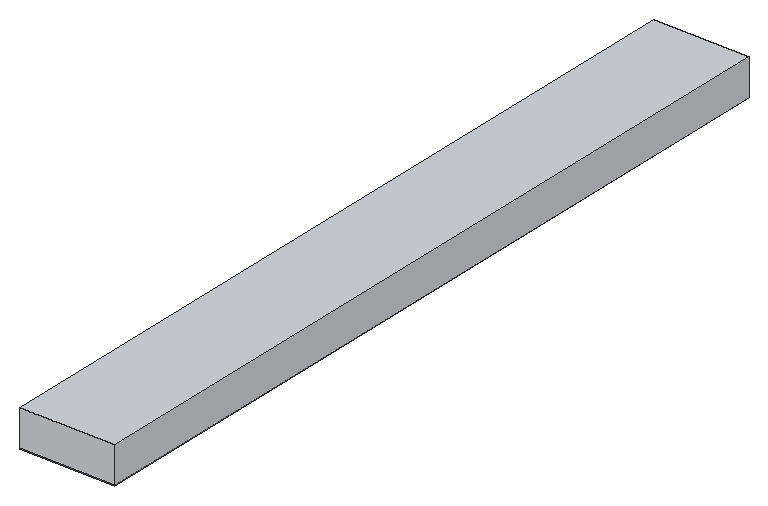
Revit family "ERK9635W_RAD766N", category 照明器具, Revit 2020
Family settings
  丸型コネクタ寸法 = 直径を使用
  パーツ タイプ = 標準
  OmniClass 番号 = 23.80.70.11.14.17
  OmniClass タイトル = Direct/Indirect
  作業面ベース = いいえ
  常に垂直 = はい
  ロード時にボイドで切り取り = はい
  光源 = はい
  共有 = いいえ
  部屋計算ポイント = いいえ
Parameters (values of type "ERK9635W_RAD766N")
  電源種別_記号 = "AC"
  電源種別 = ""
  防災用照明器具電源種別 = ""
  防災用照明器具種類 = ""
  運転質量 = 0.00 kg
  質量 = 0.00 kg
  負荷分類 = 8_照明
  積算_科目2 = "[1_1]照明"
  説明 = "ベースライト 逆富士 40Wタイプ W+150"
  誘導灯形式 = ""
  誘導灯仕様 = ""
  認定番号 = ""
  設置方法 = ""
  記号 = ""
  製造元 = "株式会社遠藤照明"
  製品質量 = 0.00 kg
  製品出荷対象 = ""
  製品リリース年月 = "2023.04"
  製品グループ = ""
  背面形式 = ""
  系統 [instance] = ""
  符号 = ""
  積算_科目 = "1 電灯設備"
  積算_拾い区分 = ""
  種別 [instance] = ""
  相 = 1
  皮相負荷 = 0 VA
  用途 = "E_一般照明"
  特殊仕様 [instance] = ""
  照明制御装置の種類 = ""
  法定耐用年数 = ""
  極数 = 1
  材質_本体 = none
  材質_反射板 = none
  材質_ルーバー = none
  材質_カバー = none
  材質 = ""
  既定の高さ = 0 mm
  形式 = "ベースライト"
  平均演色評価数(Ra) = 82
  定格消費電力 = 30.9 W
  定格入力電流 = 0 A
  定格入力電圧 = 0 V
  定格入力容量 = 0 VA
  定格光束 = 5173 lm
  安定器_蛍光灯 = ""
  安定器_定格電圧 = 0 V
  安定器_入力電流 = 0 A
  安定器_入力電力 = 0 W
  安定器_二次電圧 = 0 V
  埋込高さ = "0"
  埋込穴寸法 = "0"
  固有エネルギー消費効率(lm/W) = 167.4
  器具サイズ = ""
  呼称 = "ベースライト"
  周波数 = 0 Hz
  参照している仕様書等のバージョン = ""
  分類コード = "40305100000000"
  分類グループ = ""
  公共型番 = "LSS9-4-48"
  傾斜角 = 90.00°
  価格 = 29050
  企業コード = "6932"
  付属品 = ""
  仕様書バージョン = ""
  仕様 = ""
  Wattage = 34.8252 W
  built-in parameter 1150110 = 1 (stored number, unit not read)
  built-in parameter 1114217 = 1 (stored number, unit not read)
  built-in parameter 1150109 = 1 (stored number, unit not read)
  built-in parameter 1150134 = 2
  ランプの種類 = "LED"
  ランプ_電流 = 0 A
  ランプ_本数 = 0
  ランプ_定格消費電力 = 0 W
  ランプ_定格消費効率(lm/W) = 0
  ランプ_大きさ = ""
  ランプ_全光束 = 0 lm
  ランプ = "LED"
  モデル = "ERK9635W_RAD766N"
  フォトメトリック Web ファイル = "ERK9635W_RAD766N.IES"
  イメージ(タイプ) = <なし>
  シンボル表示 = yes
  built-in parameter 1150113 = 1 (stored number, unit not read)
  Lumens = 5173 lm
  built-in parameter 1150115 = 1 (stored number, unit not read)
  built-in parameter 1150105 = 411.65 (stored number, unit not read)
  built-in parameter 1150137 = (empty or 0)
  built-in parameter 1150139 = (empty or 0)
  built-in parameter 1150112 = 1 (stored number, unit not read)
  built-in parameter 1150114 = 1 (stored number, unit not read)
  built-in parameter 1150132 = 2
  built-in parameter 1150102 = (empty or 0)
  built-in parameter 1150138 = (empty or 0)
  built-in parameter 1150107 = 5000 (stored number, unit not read)
  built-in parameter 1150106 = 4.1165 (stored number, unit not read)
  built-in parameter 1150104 = 13.8 (stored number, unit not read)
  Dimming Lamp Color Temperature Shift = (empty or 0)
  サービススペース表示 = no
  コメント = ""
  グレア分類 = ""
  Keynote = ""
  Color Filter = 16777215
  built-in parameter 1114218 = 1 (stored number, unit not read)
  built-in parameter 1150133 = 10 (stored number, unit not read)
  カバー形状 = ""
  built-in parameter 1150142 = "IESNA:LM-63-2002\r\n[TEST] ERK9635W_RAD766N  HEC0K01(update:11111111)\r\n[MANUFAC] ENDO LIGHTING CORP.\r\n[LUMCAT] ERK9635W_RAD766N\r\n[LAMP] SDseries_5200lmÀ²Ìß_5000K 5000K\r\n[LAMPCAT] SDseries_5200lmÀ²??_5000K 5273 lm x1 5000K\r\nTILT=NONE\r\n1 5273 1.0 37 19 1 2 0 0 0\r\n1 1 0\r\n0 5 10 15 20 25 30 35 40 45 50 55 60 65 70 75 80 85 90 95 100 105 110 115 120 125 130 135 140 145 150 155 160 165 170 175 180 \r\n0 5 10 15 20 25 30 35 40 45 50 55 60 65 70 75 80 85 90 \r\n1600.3333 1599.2777 1580.0652 1547.9741 1503.6377 1447.5838 1381.2903 1304.9684 1218.4068 1124.8781 1026.1346 921.4373 814.386 708.0314 605.3715 506.4379 415.4744 335.1833\r\n267.1902 212.1708 169.8612 140.0503 113.8812 86.2143 52.5239 23.1605 4.2253 3.7018 3.6056 4.113 4.2679 4.535 4.3374 4.4816 4.7807 5.0959\r\n5.3309\r\n1600.3333 1598.4332 1579.2207 1547.1296 1502.5821 1447.056 1380.2347 1303.8072 1217.879 1123.6113 1024.53 920.0966 813.267 706.7752 603.9992 505.0551 414.081 333.8004\r\n265.8179 210.9146 168.7951 139.0685 113.0262 85.2526 51.7015 22.5018 4.0837 3.6803 3.6109 4.097 4.2707 4.5404 4.3374 4.4923 4.7914 5.1012\r\n5.3096\r\n1600.3333 1597.3776 1577.6373 1545.8629 1500.9986 1445.1559 1378.3346 1301.6959 1215.451 1121.3945 1022.1232 917.4259 810.0368 703.2283 600.1567 500.9592 409.7846 329.5462\r\n261.7326 207.1672 165.5859 136.2606 110.4821 82.4752 49.2979 20.5573 3.7177 3.6296 3.6163 4.0703 4.2733 4.543 4.34 4.5217 4.8101 5.0959\r\n5.2668\r\n1600.3333 1596.3219 1576.5817 1544.1739 1499.3096 1442.7279 1376.0122 1299.0568 1212.2842 1117.9109 1018.1223 912.8867 805.0648 697.6757 593.9601 494.2349 402.7541 322.5263\r\n254.9766 201.0023 160.2972 131.6897 106.2913 77.9877 45.4628 17.4453 3.2691 3.5789 3.643 4.0329 4.2707 4.5457 4.3454 4.551 4.8289 5.0719\r\n5.2348\r\n1600.3333 1595.2663 1575.7372 1542.9071 1497.5151 1441.1445 1373.5842 1295.89 1208.8006 1113.1606 1012.7809 906.7429 798.2243 690.054 585.5468 484.9876 393.0845 312.7723\r\n245.6343 192.5045 153.119 125.4404 100.5033 71.6582 40.2754 13.4814 3.0233 3.5494 3.7071 4.0089 4.2733 4.5538 4.3588 4.5777 4.8315 5.0532\r\n5.2187\r\n1600.3333 1593.3662 1573.3092 1540.268 1494.5593 1437.9776 1369.5729 1292.0897 1204.2614 1108.3047 1006.901 899.7969 789.7898 680.5006 575.001 473.4812 380.9131 300.432\r\n233.8218 181.8743 144.1883 117.5865 93.2384 63.779 33.9427 9.3746 3.05 3.5308 3.7845 4.0062 4.2974 4.5617 4.3695 4.5992 4.8235 5.0371\r\n5.2081\r\n1600.3333 1591.466 1571.198 1537.5234 1491.0757 1433.6495 1364.717 1286.4949 1198.0332 1101.9709 999.955 891.7847 780.3842 669.3848 562.3651 459.7475 366.3243 285.6954\r\n219.8347 169.3229 133.6743 108.3497 84.3711 54.538 26.662 5.5713 3.1008 3.5308 3.8673 4.0142 4.3241 4.5805 4.3747 4.6044 4.8208 5.0265\r\n5.2108\r\n1600.3333 1590.1993 1569.8256 1535.7288 1488.4367 1429.9548 1359.9666 1280.3722 1191.1716 1094.1593 991.4044 882.7063 770.0285 657.3717 548.3147 444.0186 349.5504 268.7103\r\n203.673 155.0085 121.8935 97.8051 73.9816 44.3892 18.5516 3.4267 3.1488 3.5468 3.9421 4.0356 4.3508 4.6044 4.3828 4.6044 4.8208 5.0238\r\n5.2134\r\n1600.3333 1590.4104 1569.6145 1535.4121 1487.0643 1427.2102 1355.9552 1274.9885 1184.7322 1086.4532 982.6004 872.0233 758.4588 644.3875 533.4093 426.928 331.098 249.9307\r\n185.8857 139.438 109.1204 86.267 62.0435 33.8392 10.5337 2.8791 3.1942 3.5949 3.9982 4.0757 4.3801 4.6205 4.3934 4.6018 4.8128 5.0265\r\n5.2161\r\n1600.3333 1590.7271 1569.2978 1534.5676 1485.692 1424.8878 1352.4717 1270.766 1178.8207 1079.2749 973.5115 861.6043 746.0129 630.1787 517.332 408.5811 311.0094 229.3881\r\n166.4938 122.7485 95.5619 73.8212 48.6624 23.0486 4.7674 2.9512 3.2637 3.6484 4.0649 4.113 4.4068 4.6392 4.4122 4.5992 4.8181 5.0318\r\n5.2161\r\n1600.3333 1590.9382 1569.0867 1534.0398 1484.1086 1422.4599 1349.3048 1266.2268 1173.2259 1072.5189 965.7737 851.7236 734.1265 615.9172 500.7481 389.5904 289.7807 207.6527\r\n146.1201 105.6262 81.4333 60.5477 35.068 12.2052 2.8924 3.002 3.3358 3.699 4.1424 4.1558 4.4282 4.6606 4.4282 4.6018 4.8181 5.0398\r\n5.2108\r\n1600.3333 1590.4104 1568.77 1533.3009 1483.3696 1420.3486 1346.0323 1261.6876 1167.6311 1065.8684 957.7615 842.9091 723.2324 602.2151 484.0797 369.9346 267.6125 184.735\r\n124.8281 88.2168 66.7706 45.884 22.0869 4.4068 2.8898 3.0741 3.3892 3.7552 4.2145 4.2119 4.4442 4.6846 4.4469 4.6072 4.8235 5.0478\r\n5.2134\r\n1600.3333 1589.8826 1567.1866 1531.4008 1480.9417 1417.0761 1342.0209 1257.1484 1162.2473 1059.218 949.7493 834.0946 712.6022 589.2626 467.9814 350.4371 245.022 160.994\r\n103.1476 71.0438 51.8673 30.3937 9.9088 2.9913 2.9592 3.1729 3.4373 3.8245 4.2946 4.2733 4.4602 4.7086 4.4629 4.6151 4.8208 5.0532\r\n5.2108\r\n1600.3333 1590.9382 1568.77 1531.4008 1480.4139 1416.3372 1340.1208 1254.1926 1158.0248 1054.436 943.6055 826.6207 703.5977 578.1996 453.8254 332.3014 223.1177 137.2212\r\n81.6466 54.671 36.8837 16.3454 3.5255 2.9913 3.0527 3.245 3.4934 3.8967 4.3561 4.3374 4.4789 4.7353 4.4816 4.6285 4.8289 5.0558\r\n5.2161\r\n1600.3333 1594.2107 1571.5146 1533.8287 1481.9973 1417.3928 1340.1208 1252.8203 1155.3858 1050.4351 938.7918 820.213 696.1767 568.8256 441.6751 316.0342 202.3113 113.7968\r\n60.7071 39.1269 21.3934 5.1279 3.3118 3.0448 3.1302 3.3331 3.5682 3.9608 4.4068 4.4014 4.5056 4.7594 4.5004 4.6418 4.8341 5.0585\r\n5.2161\r\n1600.3333 1594.7385 1571.7258 1533.8287 1481.4695 1416.865 1340.1208 1252.8203 1154.8579 1049.0945 936.1211 815.6633 690.0857 561.0034 431.6044 302.2265 183.3522 91.3425\r\n40.837 24.1707 8.1193 3.4721 3.3385 3.0715 3.237 3.4052 3.6029 4.0169 4.4469 4.4629 4.5484 4.7861 4.519 4.6579 4.8422 5.0612\r\n5.2187\r\n1600.3333 1594.4218 1571.198 1532.9842 1480.4139 1415.4927 1337.7984 1250.1812 1152.1133 1046.6982 933.4504 812.9925 686.4543 555.7147 424.0461 291.7547 168.2567 71.2845\r\n23.2091 10.5497 3.6857 3.4187 3.3652 3.205 3.3198 3.4721 3.6536 4.0596 4.4789 4.5056 4.5964 4.8074 4.5377 4.6765 4.8528 5.0665\r\n5.2241\r\n1600.3333 1591.2549 1568.0311 1530.0284 1477.1414 1412.0091 1334.3148 1246.6977 1148.9464 1042.6868 929.1751 808.1894 681.6195 550.9116 418.4829 284.302 157.4893 56.0866\r\n9.5883 3.8727 3.7124 3.6056 3.5255 3.2851 3.2958 3.5068 3.6697 4.0757 4.4923 4.5377 4.6339 4.8289 4.551 4.6926 4.8609 5.0692\r\n5.2295\r\n1600.3333 1585.3434 1562.4362 1524.4336 1471.0188 1406.4143 1329.459 1241.8418 1144.6183 1038.9499 925.1742 804.4525 678.0093 547.3541 415.1999 281.0717 153.7312 50.3176\r\n3.6857 3.8994 3.7391 3.5255 3.4187 3.2584 3.2904 3.5041 3.6803 4.081 4.503 4.5457 4.6526 4.8395 4.5617 4.7006 4.8662 5.0692\r\n5.2295\r\n"
  diameter = 0 mm
  Width = 150 mm
  Version = ""
  Uniclass2015Version = ""
  Uniclass2015Title = ""
  Uniclass2015Code = ""
  URL = "https://www.endo-lighting.co.jp/"
  SpecificationReference = ""
  SpecificationDescription = ""
  Revision = ""
  ProductInformation = ""
  OmniClassCode = "23.80.70.11.14.17"
  LED制御装置 = ""
  IfcTypeProduct = ""
  IfcProduct = ""
  IfcExportType = ""
  IfcExportAs = "IfcLightFixtureType"
  Height = 57 mm
  Depth = 1250 mm
  Clearance Top = 0 mm
  Clearance Right = 0 mm
  Clearance Left = 0 mm
  Clearance Front = 0 mm
  Clearance Bottom = 0 mm
  Clearance Back = 0 mm
  Author = "遠藤照明"
Reference planes
  plane 1 "光源軸(正面/背面)": y = 0
  plane 2: z = 0
  plane 3 "光源軸(左/右)": x = 0
  plane 4 "光源高さ": z = -157
  plane 5: x = 75
  plane 6: x = -75
  plane 7: y = 625
  plane 8: y = -625
  plane 9: z = -57
  plane 10: z = 0
  plane 11: z = -59
Forms (mm)
  Extrusion 1, solid
    sketch origin (0, 0, 0) x (1, 0, 0) y (0, 0, 1)
      loop
        line (-75, -57) -> (75, -57) -> (75, 0) -> (-75, 0) -> (-75, -57)
    from 625 to -625
  Extrusion 2, solid, material "発光面"
    sketch origin (0, 0, 0) x (1, 0, 0) y (0, 0, 1)
      loop
        line (-75, -59) -> (75, -59) -> (75, -57) -> (-75, -57) -> (-75, -59)
    from 625 to -625
Lines and regions (mm)
  symbolic lines, detail levels fine
    curve 1: line (75, 625, 0) -> (-75, 625, 0)
    curve 2: line (75, -625, 0) -> (75, 625, 0)
    curve 3: line (-75, 625, 0) -> (-75, -625, 0)
    curve 4: line (-75, -625, 0) -> (75, -625, 0)
Dimensions and locks
  equal spacing: plane 6, plane 3 "光源軸(左/右)", plane 5
  "Width": plane 6 to plane 5
  equal spacing: plane 8, plane 1 "光源軸(正面/背面)", plane 7
  "Depth": plane 8 to plane 7
  "Height": plane 2 to plane 9
  locked: plane 9 to plane 4 "光源高さ" at 100
  locked: plane 9 to plane 11 at 2
  aligned and locked: plane 3 "光源軸(左/右)" to imposter light
  aligned and locked: plane 1 "光源軸(正面/背面)" to imposter light
  aligned and locked: plane 4 "光源高さ" to imposter light
  aligned and locked: level to plane 2
  aligned and locked: plane 6 to Extrusion 1 sketch curve
  aligned and locked: plane 2 to Extrusion 1 sketch curve
  aligned and locked: plane 5 to Extrusion 1 sketch curve
  aligned and locked: plane 7 to Extrusion 1
  aligned and locked: plane 8 to Extrusion 1
  aligned and locked: Extrusion 2 sketch curve to plane 11
  aligned and locked: plane 6 to Extrusion 2 sketch curve
  aligned and locked: Extrusion 2 sketch curve to Extrusion 1  (x2)
  aligned and locked: plane 7 to Extrusion 2
  aligned and locked: plane 8 to Extrusion 2
  aligned and locked: curve 1 to Extrusion 1
  aligned and locked: curve 2 to Extrusion 1
  aligned and locked: curve 3 to Extrusion 1
  aligned and locked: curve 4 to Extrusion 1
Automatic sketch dimensions
  Extrusion 1 sketch curve to plane 9 = 0 mm
Nested families
  nested 1: "symbol_line" at (0, 0, 0) x (0, -1, 0) z (0, 0, 1), visible <- "シンボル表示", type "1/100", detail levels coarse+medium
Connectors
  electrical at (0, 0, 0), driven by "極数", driven by "負荷分類", driven by "定格入力電圧", driven by "皮相負荷"
    settings: on Extrusion 1, index 1, voltage 0 V, apparent load 0 VA, apparent load phase1 0 VA, apparent load phase2 0 VA, apparent load phase3 0 VA, power factor 1, load classification "8_照明", number of poles 1, system type 30, power factor state 1, is connector primary yes, connector utility no, sub classification motor no, connector description ""
Definition of nested family "symbol_line"
  Parameters (values of type "1/100")
    縮尺倍率 = if([縮尺1/50], 1.25, if([縮尺1/100], 1, if([縮尺1/200], 0.8, 0)))  # 1
    縮尺1/50 = no
    縮尺1/200 = no
    縮尺1/100 = yes
    W = 12 mm * 縮尺倍率  # 12 mm
    D = 1.5 mm * 縮尺倍率  # 1.5 mm
  Reference planes
    plane 1: y = 0
    plane 2: x = 0
  Lines and regions (mm)
    Masking region 1
      outline origin (0, 0, 0) x (1, 0, 0) y (0, 1, 0)
        loop
          line (-6, 0.75) -> (-6, -0.75) -> (6, -0.75) -> (6, 0.75) -> (-6, 0.75)
    reference lines
      curve 1: line (-304.8, 0.75, 0) -> (304.8, 0.75, 0)
      curve 2: line (304.8, -0.75, 0) -> (-304.8, -0.75, 0)
      curve 3: line (-6, -304.8, 0) -> (-6, 304.8, 0)
      curve 4: line (6, 304.8, 0) -> (6, -304.8, 0)
      curve 5: line (-6, 0.75, 0) -> (6, 0.75, 0)
      curve 6: line (-6, -0.75, 0) -> (-6, 0.75, 0)
      curve 7: line (6, 0.75, 0) -> (6, -0.75, 0)
    detail lines
      curve 8: line (-6, 0.75, 0) -> (6, 0.75, 0)
      curve 9: line (-6, -0.75, 0) -> (-6, 0.75, 0)
      curve 10: line (6, 0.75, 0) -> (6, -0.75, 0)
      curve 11: line (6, -0.75, 0) -> (-6, -0.75, 0)
  Dimensions and locks
    equal spacing: curve 2, plane 1, curve 1, locked at 0.75 each
    equal spacing: curve 3, plane 2, curve 4, locked at 6 each
    "W": curve 3 to curve 4
    "D": curve 2 to curve 1
    aligned and locked: curve 1 to curve 5
    aligned and locked: curve 3 to curve 6
    aligned and locked: curve 4 to curve 7
    aligned and locked: curve 9 to curve 6
    aligned and locked: curve 10 to curve 7
    aligned and locked: curve 1 to curve 8
    aligned and locked: curve 2 to curve 11
    aligned and locked: Masking region 1 sketch curve to curve 8
    aligned and locked: Masking region 1 sketch curve to curve 10
    aligned and locked: Masking region 1 sketch curve to curve 11
    aligned and locked: Masking region 1 sketch curve to curve 9
  Automatic sketch dimensions
    curve 1 to curve 5 = 298.8 mm
    curve 2 to curve 1 = 0 mm  (x2)
    curve 5 to curve 1 = 298.8 mm
    curve 4 to curve 7 = 304.05 mm
    curve 3 to curve 4 = 0 mm  (x2)
    curve 5 to curve 3 = 304.05 mm
